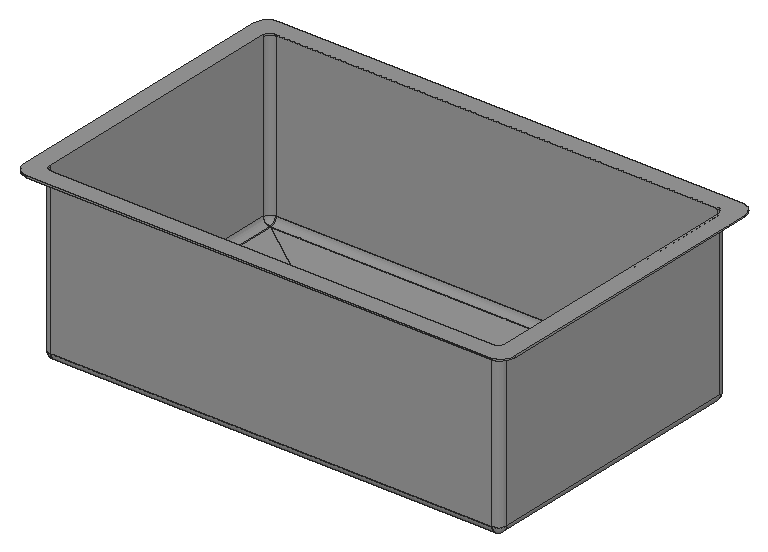
Revit family "BUILDMAT-SNGM005-Avisa-700-Gunmetal", category Plumbing Fixtures, host Face, Revit 2020
Family settings
  Host = Face
  Round Connector Dimension = Use Diameter
  Part Type = Normal
  Cut with Voids When Loaded = No
  Shared = No
  Room Calculation Point = No
Parameters (values of type "Avisa 700x450x250mm")
  Width = 650.0 mm
  Undermount [instance] = 0.0 mm
  URL = "https://www.buildmat.com.au/products/700x450x250-single-bowl-kitchen-sink"
  Side Sound Pad = yes
  Side Brackets = yes
  Model = "SNA01005"  # constant formula
  Middle Sound Pad = no
  Middle Bracket = yes
  Manufacturer URL = "https://www.buildmat.com.au/"
  Manufacturer = "BUILDMAT"  # constant formula
  Length = 400.0 mm
  Description = "BUILDMAT - Avisa 700x450 - Large Single Bowl Sink"  # constant formula
  Depth = 250.0 mm
  Default Elevation = 1219.2 mm
  Created By URL = "https://www.buildmat.com.au/"
  Created By = "BUILDMAT"  # constant formula
  Created = "22.06.2022"  # constant formula
  Material = BUILDMAT Gunmetal
Reference planes
  plane 1 "Center (Front/Back)": y = 0
  plane 2: z = 0
  plane 3 "Center (Left/Right)": x = 0
  plane 4 "Top Substrate": z = 0
  plane 5 "Left": x = -325
  plane 6 "Right": x = 325
  plane 7 "Back": y = 200
  plane 8 "Front": y = -200
  plane 9: x = -350
  plane 10: x = 350
  plane 11: y = -225
  plane 12: y = 225
  plane 13 "Bottom Void": z = -250
  plane 14: z = 1.5
  plane 15: x = -326.5
  plane 16: y = -201.5
  plane 17: x = 326.5
  plane 18: y = 201.5
  plane 19: z = -240
  plane 20: z = -230
  plane 21: x = -315
  plane 22: x = 315
  plane 23: y = -190
  plane 24: y = 190
  plane 25: z = -245
  plane 26: z = -241.5
  plane 27: z = -246.5
  plane 28: x = -100
  plane 29: x = 100
  plane 30 "Sound Pad": z = -130
  plane 31 "Front Bracket": y = -100
  plane 32 "Back Bracket": y = 100
  plane 33: x = -225
  plane 34: x = 225
  plane 35: x = -57
  plane 36: x = 57
  plane 37: x = -45
  plane 38: x = 45
Forms (mm)
  Extrusion 1, void
    sketch origin (0, 0, 0) x (1, 0, 0) y (0, 1, 0)
      loop
        arc (-315, 200) -> (-322.071, 197.071) -> (-325, 190) r 10
        line (-325, 190) -> (-325, -190)
        arc (-325, -190) -> (-322.071, -197.071) -> (-315, -200) r 10
        line (-315, -200) -> (315, -200)
        arc (315, -200) -> (322.071, -197.071) -> (325, -190) r 10
        line (325, -190) -> (325, 190)
        arc (325, 190) -> (322.071, 197.071) -> (315, 200) r 10
        line (315, 200) -> (-315, 200)
    from 0 to 1.5
  Extrusion 2, void
    sketch origin (0, 0, 0) x (1, 0, 0) y (0, 1, 0)
      loop
        line (-326.5, 201.5) -> (-326.5, -201.5) -> (326.5, -201.5) -> (326.5, 201.5) -> (-326.5, 201.5)
    from 0 to -250
  Extrusion 3, void
    sketch origin (0, 0, 0) x (1, 0, 0) y (0, 1, 0)
      loop
        arc (-330, 225) -> (-344.142, 219.142) -> (-350, 205) r 20
        line (-350, 205) -> (-350, -205)
        arc (-350, -205) -> (-344.142, -219.142) -> (-330, -225) r 20
        line (-330, -225) -> (330, -225)
        arc (330, -225) -> (344.142, -219.142) -> (350, -205) r 20
        line (350, -205) -> (350, 205)
        arc (350, 205) -> (344.142, 219.142) -> (330, 225) r 20
        line (330, 225) -> (-330, 225)
    from 1.5 to 0
  Extrusion 4, solid, material "BUILDMAT Gunmetal" <- "Material"
    sketch origin (0, 0, 0) x (-1, 0, 0) y (0, -1, 0)
      loop
        arc (330, -225) -> (344.142, -219.142) -> (350, -205) r 20
        line (350, -205) -> (350, 205)
        arc (350, 205) -> (344.142, 219.142) -> (330, 225) r 20
        line (330, 225) -> (-330, 225)
        arc (-330, 225) -> (-344.142, 219.142) -> (-350, 205) r 20
        line (-350, 205) -> (-350, -205)
        arc (-350, -205) -> (-344.142, -219.142) -> (-330, -225) r 20
        line (-330, -225) -> (330, -225)
      loop
        arc (315, -200) -> (322.071, -197.071) -> (325, -190) r 10
        line (325, -190) -> (325, 190)
        arc (325, 190) -> (322.071, 197.071) -> (315, 200) r 10
        line (315, 200) -> (-315, 200)
        arc (-315, 200) -> (-322.071, 197.071) -> (-325, 190) r 10
        line (-325, 190) -> (-325, -190)
        arc (-325, -190) -> (-322.071, -197.071) -> (-315, -200) r 10
        line (-315, -200) -> (315, -200)
    from 0 to 1.5
  Extrusion 5, solid, material "BUILDMAT Gunmetal" <- "Material"
    sketch origin (0, 0, 0) x (-1, 0, 0) y (0, -1, 0)
      loop
        arc (315, -201.5) -> (323.132, -198.132) -> (326.5, -190) r 11.5
        line (326.5, -190) -> (326.5, 190)
        arc (326.5, 190) -> (323.132, 198.132) -> (315, 201.5) r 11.5
        line (315, 201.5) -> (-315, 201.5)
        arc (-315, 201.5) -> (-323.132, 198.132) -> (-326.5, 190) r 11.5
        line (-326.5, 190) -> (-326.5, -190)
        arc (-326.5, -190) -> (-323.132, -198.132) -> (-315, -201.5) r 11.5
        line (-315, -201.5) -> (315, -201.5)
      loop
        arc (-315, 200) -> (-322.071, 197.071) -> (-325, 190) r 10
        line (-325, 190) -> (-325, -190)
        arc (-325, -190) -> (-322.071, -197.071) -> (-315, -200) r 10
        line (-315, -200) -> (315, -200)
        arc (315, -200) -> (322.071, -197.071) -> (325, -190) r 10
        line (325, -190) -> (325, 190)
        arc (325, 190) -> (322.071, 197.071) -> (315, 200) r 10
        line (315, 200) -> (-315, 200)
    from 0 to -230
  Revolve 6, solid, material "BUILDMAT Gunmetal" <- "Material"
    sketch origin (-175.162, 190, 1219.2) x (-1, 0, 0) y (0, 0, 1)
      loop
        line (-500.162, -1449.2) -> (-501.662, -1449.2)
        arc (-501.662, -1449.2) -> (-498.293, -1457.332) -> (-490.162, -1460.7) r 11.5
        line (-490.162, -1460.7) -> (-490.162, -1459.2)
        arc (-490.162, -1459.2) -> (-497.233, -1456.271) -> (-500.162, -1449.2) r 10
      axis (-490.162, -1460.7) -> (-490.162, -1449.2)
    angle from 0 to -90
  Revolve 7, solid, material "BUILDMAT Gunmetal" <- "Material"
    sketch origin (-175.162, 190, 1219.2) x (-1, 0, 0) y (0, 0, 1)
      loop
        arc (149.838, -1449.2) -> (146.909, -1456.271) -> (139.838, -1459.2) r 10
        line (139.838, -1459.2) -> (139.838, -1460.7)
        arc (139.838, -1460.7) -> (147.97, -1457.332) -> (151.338, -1449.2) r 11.5
        line (151.338, -1449.2) -> (149.838, -1449.2)
      axis (139.838, -1449.2) -> (139.838, -1460.7)
    angle from 0 to -90
  Revolve 8, solid, material "BUILDMAT Gunmetal" <- "Material"
    sketch origin (-175.162, -190, 1219.2) x (-1, 0, 0) y (0, 0, 1)
      loop
        arc (149.838, -1449.2) -> (146.909, -1456.271) -> (139.838, -1459.2) r 10
        line (139.838, -1459.2) -> (139.838, -1460.7)
        arc (139.838, -1460.7) -> (147.97, -1457.332) -> (151.338, -1449.2) r 11.5
        line (151.338, -1449.2) -> (149.838, -1449.2)
      axis (139.838, -1449.2) -> (139.838, -1460.7)
    angle from 0 to 90
  Revolve 9, solid, material "BUILDMAT Gunmetal" <- "Material"
    sketch origin (-175.162, -190, 1219.2) x (-1, 0, 0) y (0, 0, 1)
      loop
        line (-500.162, -1449.2) -> (-501.662, -1449.2)
        arc (-501.662, -1449.2) -> (-498.293, -1457.332) -> (-490.162, -1460.7) r 11.5
        line (-490.162, -1460.7) -> (-490.162, -1459.2)
        arc (-490.162, -1459.2) -> (-497.233, -1456.271) -> (-500.162, -1449.2) r 10
      axis (-490.162, -1449.2) -> (-490.162, -1460.7)
    angle from 0 to 90
  Extrusion 10, solid, material "BUILDMAT Gunmetal" <- "Material"
    sketch origin (0, 0, 0) x (1, 0, 0) y (0, 0, 1)
      loop
        line (-325, -230) -> (-326.5, -230)
        arc (-326.5, -230) -> (-323.132, -238.132) -> (-315, -241.5) r 11.5
        line (-315, -241.5) -> (-315, -240)
        arc (-315, -240) -> (-322.071, -237.071) -> (-325, -230) r 10
    from -190 to 190
  Extrusion 11, solid, material "BUILDMAT Gunmetal" <- "Material"
    sketch origin (0, 0, 0) x (1, 0, 0) y (0, 0, 1)
      loop
        arc (325, -230) -> (322.071, -237.071) -> (315, -240) r 10
        line (315, -240) -> (315, -241.5)
        arc (315, -241.5) -> (323.132, -238.132) -> (326.5, -230) r 11.5
        line (326.5, -230) -> (325, -230)
    from -190 to 190
  Extrusion 12, solid, material "BUILDMAT Gunmetal" <- "Material"
    sketch origin (0, 0, 0) x (0, 1, 0) y (0, 0, 1)
      loop
        arc (200, -230) -> (197.071, -237.071) -> (190, -240) r 10
        line (190, -240) -> (190, -241.5)
        arc (190, -241.5) -> (198.132, -238.132) -> (201.5, -230) r 11.5
        line (201.5, -230) -> (200, -230)
    from -315 to 315
  Extrusion 13, solid, material "BUILDMAT Gunmetal" <- "Material"
    sketch origin (0, 0, 0) x (0, 1, 0) y (0, 0, 1)
      loop
        line (-200, -230) -> (-201.5, -230)
        arc (-201.5, -230) -> (-198.132, -238.132) -> (-190, -241.5) r 11.5
        line (-190, -241.5) -> (-190, -240)
        arc (-190, -240) -> (-197.071, -237.071) -> (-200, -230) r 10
    from -315 to 315
  Revolve 14, solid, material "BUILDMAT Gunmetal" <- "Material"
    sketch origin (0, 0, 0) x (1, 0, 0) y (0, 0, 1)
      loop
        line (-45, -250) -> (-45, -248.5)
        spline (-45, -248.5) -> (-46.484, -248.459) -> (-47.939, -248.339) -> (-49.337, -248.141) -> (-50.649, -247.871) -> (-51.848, -247.537) -> (-52.908, -247.151) -> (-53.805, -246.726) -> (-54.514, -246.283) -> (-55.023, -245.856) -> (-55.329, -245.483) -> (-55.468, -245.202) -> (-55.5, -245)
        line (-55.5, -245) -> (-57, -245)
        spline (-57, -245) -> (-56.897, -245.653) -> (-56.591, -246.294) -> (-56.087, -246.913) -> (-55.392, -247.5) -> (-54.52, -248.044) -> (-53.485, -248.536) -> (-52.305, -248.967) -> (-51, -249.33) -> (-49.592, -249.619) -> (-48.106, -249.83) -> (-46.566, -249.957) -> (-45, -250)
      axis (0, -245) -> (0, -250)
    angle from 0 to 360
  Blend 15, solid, material "BUILDMAT Gunmetal" <- "Material"
    base sketch origin (0, 0, 0) x (-1, 0, 0) y (0, -1, 0)
      loop
        circle (0, 0) r 57
    top sketch origin (0, 0, 0) x (-1, 0, 0) y (0, -1, 0)
      loop
        line (315, -190) -> (315, 190) -> (-315, 190) -> (-315, -190) -> (315, -190)
    from -246.5 to -241.5
  Blend 16, void
    base sketch origin (0, 0, 0) x (-1, 0, 0) y (0, -1, 0)
      loop
        circle (0, 0) r 57
    top sketch origin (0, 0, 0) x (-1, 0, 0) y (0, -1, 0)
      loop
        line (315, -190) -> (315, 190) -> (-315, 190) -> (-315, -190) -> (315, -190)
    from -245 to -240
  Extrusion 17, solid, material "BUILDMAT Gunmetal" <- "Material"
    sketch origin (0, 0, 0) x (-1, 0, 0) y (0, -1, 0)
      loop
        line (315, -190) -> (315, 190) -> (-315, 190) -> (-315, -190) -> (315, -190)
    from -241.5 to -240
  Extrusion 18, void
    sketch origin (0, 0, 0) x (-1, 0, 0) y (0, -1, 0)
      loop
        circle (0, 0) r 57
    from -250 to -230
Cuts and joins
  joined: Extrusion 4, Extrusion 5
  joined: Revolve 6, Revolve 9
  joined: Revolve 7, Revolve 8
  Blend 16, Extrusion 18 cuts Blend 15
  Blend 16, Extrusion 18 cuts Extrusion 17
  joined: Blend 15, Extrusion 17
Lines and regions (mm)
  Masking region 1
    outline origin (0, 0, 0) x (1, 0, 0) y (0, 0, 1)
      loop
        line (325, 0) -> (-325, 0) -> (-325, -230)
        arc (-325, -230) -> (-322.071, -237.071) -> (-315, -240) r 10
        line (-315, -240) -> (-57, -245) -> (57, -245) -> (315, -240)
        arc (315, -240) -> (322.071, -237.071) -> (325, -230) r 10
        line (325, -230) -> (325, 0)
  Masking region 2
    outline origin (0, 0, 0) x (1, 0, 0) y (0, 0, 1)
      loop
        line (-100, -245.667) -> (-100, -250) -> (-57, -250) -> (-57, -246.5) -> (-100, -245.667)
  Masking region 3
    outline origin (0, 0, 0) x (1, 0, 0) y (0, 0, 1)
      loop
        line (57, -246.5) -> (57, -250) -> (100, -250) -> (100, -245.667) -> (57, -246.5)
Text (mm)
  text "Refer to www.buildmat.com.au for the most current product literature. \nAllow a +/- 5mm tolerance for dimensions shown in the product literature. \nPlease note product details are subject to change due to ongoing product development." at (0.056, -1035.857, 0), in view "Ref. Level"
Dimensions and locks
  "Undermount": plane 2 to plane 4 "Top Substrate"
  equal spacing: plane 5 "Left", plane 3 "Center (Left/Right)", plane 6 "Right"
  "Width": plane 5 "Left" to plane 6 "Right"
  "Length": plane 7 "Back" to plane 8 "Front"
  equal spacing: plane 7 "Back", plane 1 "Center (Front/Back)", plane 8 "Front"
  locked: plane 12 to plane 7 "Back" at 25
  locked: plane 8 "Front" to plane 11 at 25
  locked: plane 9 to plane 5 "Left" at 25
  locked: plane 6 "Right" to plane 10 at 25
  "Depth": plane 4 "Top Substrate" to plane 13 "Bottom Void"
  locked: plane 14 to plane 4 "Top Substrate" at 1.5
  locked: plane 18 to plane 7 "Back" at 1.5
  locked: plane 8 "Front" to plane 16 at 1.5
  plane 15 to plane 5 "Left" = 1.5 mm
  plane 6 "Right" to plane 17 = 1.5 mm
  plane 20 to plane 19 to plane 13 "Bottom Void" = 10.0 mm, 10.0 mm
  locked: plane 5 "Left" to plane 21 at 10
  locked: plane 22 to plane 6 "Right" at 10
  locked: plane 7 "Back" to plane 24 at 10
  locked: plane 23 to plane 8 "Front" at 10
  locked: plane 19 to plane 26 at 1.5
  locked: plane 25 to plane 13 "Bottom Void" at 5
  locked: plane 25 to plane 27 at 1.5
  plane 29 to plane 3 "Center (Left/Right)" to plane 28 = 100.0 mm locked, 100.0 mm locked
  locked: plane 30 "Sound Pad" to plane 13 "Bottom Void" at 120
  locked: plane 7 "Back" to plane 32 "Back Bracket" at 100
  locked: plane 31 "Front Bracket" to plane 8 "Front" at 100
  locked: plane 33 to plane 5 "Left" at 100
  locked: plane 6 "Right" to plane 34 at 100
  equal spacing: plane 3 "Center (Left/Right)", nested 15, plane 33
  equal spacing: plane 34, nested 16, plane 3 "Center (Left/Right)"
  plane 37 to plane 3 "Center (Left/Right)" to plane 38 = 45.0 mm locked, 45.0 mm locked
  plane 35 to plane 3 "Center (Left/Right)" to plane 36 = 57.0 mm locked, 57.0 mm locked
  aligned and locked: plane 2 to host face
  aligned and locked: level to host face
  aligned and locked: plane 8 "Front" to Extrusion 1 sketch curve
  aligned and locked: Extrusion 1 sketch curve to plane 7 "Back"
  aligned and locked: plane 5 "Left" to Extrusion 1 sketch curve
  aligned and locked: Extrusion 1 sketch curve to plane 6 "Right"
  aligned and locked: plane 2 to Extrusion 1
  aligned and locked: plane 14 to Extrusion 1
  aligned and locked: Extrusion 2 sketch curve to plane 16
  aligned and locked: Extrusion 2 sketch curve to plane 18
  aligned and locked: plane 15 to Extrusion 2 sketch curve
  aligned and locked: plane 17 to Extrusion 2 sketch curve
  aligned and locked: Extrusion 2 to plane 13 "Bottom Void"
  aligned and locked: plane 4 "Top Substrate" to Extrusion 2
  aligned and locked: Extrusion 3 sketch curve to plane 11
  aligned and locked: plane 9 to Extrusion 3 sketch curve
  aligned and locked: Extrusion 3 sketch curve to plane 10
  aligned and locked: Extrusion 3 sketch curve to plane 12
  aligned and locked: Extrusion 3 to plane 4 "Top Substrate"
  aligned and locked: Extrusion 3 to plane 14
  aligned and locked: Extrusion 4 sketch curve to plane 11
  aligned and locked: Extrusion 4 sketch curve to plane 12
  aligned and locked: plane 9 to Extrusion 4 sketch curve
  aligned and locked: Extrusion 4 sketch curve to plane 10
  aligned and locked: plane 5 "Left" to Extrusion 4 sketch curve
  aligned and locked: Extrusion 4 sketch curve to plane 6 "Right"
  aligned and locked: Extrusion 4 sketch curve to plane 7 "Back"
  aligned and locked: plane 8 "Front" to Extrusion 4 sketch curve
  aligned and locked: Extrusion 5 sketch curve to plane 7 "Back"
  aligned and locked: plane 5 "Left" to Extrusion 5 sketch curve
  aligned and locked: Extrusion 5 sketch curve to plane 6 "Right"
  aligned and locked: plane 8 "Front" to Extrusion 5 sketch curve
  aligned and locked: plane 15 to Extrusion 5 sketch curve
  aligned and locked: Extrusion 5 sketch curve to plane 16
  aligned and locked: plane 17 to Extrusion 5 sketch curve
  aligned and locked: Extrusion 5 sketch curve to plane 18
  aligned and locked: Extrusion 5 to plane 20
  aligned and locked: plane 4 "Top Substrate" to Extrusion 5
  aligned and locked: Extrusion 11 to plane 23
  aligned and locked: plane 24 to Extrusion 11
  aligned and locked: plane 24 to Extrusion 10
  aligned and locked: Extrusion 10 to plane 23
  aligned and locked: Extrusion 13 to plane 21
  aligned and locked: plane 22 to Extrusion 13
  aligned and locked: plane 22 to Extrusion 12
  aligned and locked: Extrusion 12 to plane 21
  aligned and locked: plane 21 to Blend 15 sketch curve
  aligned and locked: Blend 15 sketch curve to plane 22
  aligned and locked: Blend 15 sketch curve to plane 23
  aligned and locked: Blend 15 sketch curve to plane 24
  aligned and locked: plane 27 to Blend 15
  aligned and locked: Blend 15 to plane 26
  aligned and locked: Blend 16 sketch curve to plane 24
  aligned and locked: plane 21 to Blend 16 sketch curve
  aligned and locked: Blend 16 sketch curve to plane 22
  aligned and locked: Blend 16 sketch curve to plane 23
  aligned and locked: Blend 16 to plane 25
  aligned and locked: Blend 16 to plane 19
  aligned and locked: Extrusion 17 sketch curve to plane 24
  aligned and locked: Extrusion 17 sketch curve to plane 23
  aligned and locked: plane 21 to Extrusion 17 sketch curve
  aligned and locked: Extrusion 17 sketch curve to plane 22
  aligned and locked: Extrusion 17 to plane 26
  aligned and locked: Extrusion 17 to plane 19
  aligned and locked: Extrusion 18 to plane 13 "Bottom Void"
  aligned and locked: plane 20 to Extrusion 18
  aligned and locked: cut or joined group of Blend 15, Blend 16, Extrusion 17, Extrusion 18 to Masking region 2 sketch curve
  aligned and locked: Masking region 3 sketch curve to cut or joined group of Blend 15, Blend 16, Extrusion 17, Extrusion 18
  aligned and locked: plane 3 "Center (Left/Right)" to nested 1
  aligned and locked: nested 1 to plane 4 "Top Substrate"
  aligned and locked: plane 3 "Center (Left/Right)" to nested 2
  aligned and locked: nested 2 to plane 30 "Sound Pad"
  aligned and locked: nested 3 to plane 18
  aligned and locked: plane 3 "Center (Left/Right)" to nested 3
  aligned and locked: plane 16 to nested 4
  aligned and locked: nested 4 to plane 3 "Center (Left/Right)"
  aligned and locked: plane 31 "Front Bracket" to nested 6
  aligned and locked: plane 15 to nested 6
  aligned and locked: plane 31 "Front Bracket" to nested 8
  aligned and locked: plane 17 to nested 8
  aligned and locked: plane 32 "Back Bracket" to nested 7
  aligned and locked: plane 17 to nested 7
  aligned and locked: plane 32 "Back Bracket" to nested 5
  aligned and locked: plane 15 to nested 5
  aligned and locked: nested 9 to plane 4 "Top Substrate"
  aligned and locked: nested 9 to plane 33
  aligned and locked: nested 10 to plane 4 "Top Substrate"
  aligned and locked: nested 10 to plane 34
  aligned and locked: nested 13 to plane 33
  aligned and locked: nested 14 to plane 34
  aligned and locked: plane 16 to nested 13
  aligned and locked: nested 14 to plane 16
  aligned and locked: plane 33 to nested 11
  aligned and locked: nested 11 to plane 18
  aligned and locked: plane 34 to nested 12
  aligned and locked: plane 18 to nested 12
  aligned and locked: nested 15 to plane 30 "Sound Pad"
  aligned and locked: nested 16 to plane 30 "Sound Pad"
  aligned and locked: nested 17 to plane 23
  aligned and locked: nested 17 to plane 24
  aligned and locked: plane 22 to nested 17
  aligned and locked: plane 21 to nested 17
  aligned and locked: plane 3 "Center (Left/Right)" to nested 18
  aligned and locked: plane 1 "Center (Front/Back)" to nested 18
  aligned and locked: plane 4 "Top Substrate" to Masking region 1
Automatic sketch dimensions
  host sketch curve to host sketch curve = 2438.4 mm  (x2)
  plane 5 "Left" to Extrusion 1 sketch curve = 10.0 mm  (x2)
  Extrusion 1 sketch curve to plane 6 "Right" = 10.0 mm  (x2)
  Extrusion 4 sketch curve to plane 10 = 20.0 mm  (x2)
  Extrusion 4 sketch curve to Extrusion 4 sketch curve = 10.0 mm  (x2)
  plane 5 "Left" to Extrusion 4 sketch curve = 10.0 mm
  plane 9 to Extrusion 4 sketch curve = 20.0 mm
  plane 8 "Front" to Extrusion 4 sketch curve = 10.0 mm
  plane 11 to Extrusion 4 sketch curve = 20.0 mm
  Extrusion 3 sketch curve to plane 5 "Left" = 5.0 mm
  plane 6 "Right" to Extrusion 3 sketch curve = 5.0 mm  (x2)
  plane 7 "Back" to Extrusion 3 sketch curve = 5.0 mm
  plane 5 "Left" to Extrusion 5 sketch curve = 10.0 mm
  Extrusion 5 sketch curve to plane 6 "Right" = 10.0 mm
  plane 8 "Front" to Extrusion 5 sketch curve = 10.0 mm
  Extrusion 5 sketch curve to plane 7 "Back" = 10.0 mm
  Extrusion 5 sketch curve to Extrusion 5 sketch curve = 0.0 mm  (x4)
  Revolve 6 sketch curve to Revolve 6 sketch curve = 0.0 mm  (x3)
  plane 17 to Revolve 6 sketch curve = 0.0 mm
  Revolve 6 sketch curve to plane 6 "Right" = 0.0 mm
  Revolve 6 sketch curve to plane 22 = 0.0 mm  (x2)
  Revolve 6 sketch curve to plane 19 = 0.0 mm
  Revolve 6 sketch curve to plane 20 = 0.0 mm
  Revolve 7 sketch curve to Revolve 7 sketch curve = 0.0 mm  (x3)
  Revolve 7 sketch curve to plane 20 = 0.0 mm  (x2)
  Revolve 7 sketch curve to plane 21 = 0.0 mm  (x2)
  Revolve 7 sketch curve to plane 5 "Left" = 0.0 mm
  Revolve 7 sketch curve to plane 15 = 0.0 mm
  Revolve 8 sketch curve to Revolve 8 sketch curve = 0.0 mm  (x3)
  Revolve 8 sketch curve to plane 20 = 0.0 mm  (x2)
  Revolve 8 sketch curve to plane 21 = 0.0 mm  (x2)
  Revolve 8 sketch curve to plane 5 "Left" = 0.0 mm
  Revolve 8 sketch curve to plane 15 = 0.0 mm
  Revolve 9 sketch curve to Revolve 9 sketch curve = 0.0 mm  (x3)
  plane 17 to Revolve 9 sketch curve = 0.0 mm
  Revolve 9 sketch curve to plane 6 "Right" = 0.0 mm
  Revolve 9 sketch curve to plane 22 = 0.0 mm  (x2)
  Revolve 9 sketch curve to plane 20 = 0.0 mm
  Revolve 9 sketch curve to plane 19 = 0.0 mm
  Extrusion 10 sketch curve to plane 15 = 0.0 mm
  Extrusion 10 sketch curve to plane 5 "Left" = 0.0 mm
  Extrusion 10 sketch curve to plane 19 = 0.0 mm
  Extrusion 10 sketch curve to plane 21 = 0.0 mm
  Extrusion 11 sketch curve to plane 20 = 0.0 mm
  Extrusion 11 sketch curve to plane 22 = 0.0 mm
  Extrusion 11 sketch curve to plane 6 "Right" = 0.0 mm
  plane 17 to Extrusion 11 sketch curve = 0.0 mm
  Extrusion 12 sketch curve to plane 20 = 0.0 mm
  Extrusion 12 sketch curve to plane 24 = 0.0 mm
  Extrusion 12 sketch curve to plane 7 "Back" = 0.0 mm
  Extrusion 12 sketch curve to plane 18 = 0.0 mm
  Extrusion 13 sketch curve to plane 16 = 0.0 mm
  Extrusion 13 sketch curve to plane 8 "Front" = 0.0 mm
  Extrusion 13 sketch curve to plane 23 = 0.0 mm
  Extrusion 13 sketch curve to plane 19 = 0.0 mm
  Revolve 14 sketch curve to plane 25 = 0.0 mm
  Revolve 14 sketch curve to plane 13 "Bottom Void" = 0.0 mm  (x2)
  Revolve 14 sketch curve to plane 3 "Center (Left/Right)" = 0.0 mm
  Revolve 14 sketch curve to plane 20 = 0.0 mm
  Revolve 14 sketch curve to plane 3 "Center (Left/Right)" = 45.0 mm
  Revolve 14 sketch curve to Revolve 14 sketch curve = 10.5 mm
  Revolve 14 sketch curve to Revolve 14 sketch curve = 1.5 mm  (x2)
  Revolve 14 sketch curve to Revolve 14 sketch curve = 0.0 mm
  plane 1 "Center (Front/Back)" to Blend 15 sketch curve = 0.0 mm
  Blend 15 sketch curve to plane 3 "Center (Left/Right)" = 0.0 mm
  plane 1 "Center (Front/Back)" to Blend 16 sketch curve = 0.0 mm
  Blend 16 sketch curve to plane 3 "Center (Left/Right)" = 0.0 mm
  plane 1 "Center (Front/Back)" to Extrusion 18 sketch curve = 0.0 mm
  Extrusion 18 sketch curve to plane 3 "Center (Left/Right)" = 0.0 mm
  Masking region 1 sketch curve to level = 0.0 mm
  Masking region 1 sketch curve to plane 20 = 0.0 mm
  Masking region 1 sketch curve to plane 21 = 0.0 mm
  Masking region 1 sketch curve to plane 25 = 0.0 mm
  Masking region 1 sketch curve to plane 3 "Center (Left/Right)" = 57.0 mm
  plane 3 "Center (Left/Right)" to Masking region 1 sketch curve = 57.0 mm
  Masking region 1 sketch curve to plane 19 = 0.0 mm
  Masking region 1 sketch curve to plane 22 = 0.0 mm
  Masking region 1 sketch curve to plane 6 "Right" = 0.0 mm
  Masking region 1 sketch curve to plane 5 "Left" = 0.0 mm
  Masking region 2 sketch curve to plane 28 = 0.0 mm
  Masking region 2 sketch curve to plane 13 "Bottom Void" = 0.0 mm
  Masking region 2 sketch curve to plane 27 = 0.0 mm
  Masking region 3 sketch curve to plane 27 = 0.0 mm
  Masking region 3 sketch curve to plane 13 "Bottom Void" = 0.0 mm
  Masking region 3 sketch curve to plane 29 = 0.0 mm
  radius of Blend 15 sketch curve = 57.0 mm
  radius of Blend 16 sketch curve = 57.0 mm
  radius of Extrusion 18 sketch curve = 57.0 mm
Nested families
  nested 1: "TMB_Front" at (0, 0, 0) x (1, 0, 0) z (0, -1, 0), visible <- "Middle Bracket", type "TMB_Front"
  nested 2: "SP_Front" at (0, 0, -130) x (1, 0, 0) z (0, -1, 0), visible <- "Middle Sound Pad", type "SP_Front"
  nested 3: "TMB_Plan" at (0, 201.5, 0), visible <- "Middle Bracket", type "TMB_Plan"
  nested 4: "TMB_Plan" at (0, -201.5, 0) x (-1, 0, 0) z (0, 0, 1), visible <- "Middle Bracket", type "TMB_Plan"
  nested 5: "TMB_Plan" at (-326.5, 100, 0) x (0, 1, 0) z (0, 0, 1), type "TMB_Plan"
  nested 6: "TMB_Plan" at (-326.5, -100, 0) x (0, 1, 0) z (0, 0, 1), type "TMB_Plan"
  nested 7: "TMB_Plan" at (326.5, 100, 0) x (0, -1, 0) z (0, 0, 1), type "TMB_Plan"
  nested 8: "TMB_Plan" at (326.5, -100, 0) x (0, -1, 0) z (0, 0, 1), type "TMB_Plan"
  nested 9: "TMB_Front" at (-225, 0, 0) x (1, 0, 0) z (0, -1, 0), visible <- "Side Brackets", type "TMB_Front"
  nested 10: "TMB_Front" at (225, 0, 0) x (1, 0, 0) z (0, -1, 0), visible <- "Side Brackets", type "TMB_Front"
  nested 11: "TMB_Plan" at (-225, 201.5, 0), visible <- "Side Brackets", type "TMB_Plan"
  nested 12: "TMB_Plan" at (225, 201.5, 0), visible <- "Side Brackets", type "TMB_Plan"
  nested 13: "TMB_Plan" at (-225, -201.5, 0) x (-1, 0, 0) z (0, 0, 1), visible <- "Side Brackets", type "TMB_Plan"
  nested 14: "TMB_Plan" at (225, -201.5, 0) x (-1, 0, 0) z (0, 0, 1), visible <- "Side Brackets", type "TMB_Plan"
  nested 15: "SP_Front" at (-112.5, 0, -130) x (1, 0, 0) z (0, -1, 0), visible <- "Side Sound Pad", type "SP_Front"
  nested 16: "SP_Front" at (112.5, 0, -130) x (1, 0, 0) z (0, -1, 0), visible <- "Side Sound Pad", type "SP_Front"
  nested 17: "BOWL Plan" at (0, 0, -130), type "BOWL Plan"
    with Width 630.0 mm, Lenght 380.0 mm
  nested 18: "DRAIN" at (0, 0, 0), type "DRAIN"
Definition of nested family "TMB_Front"
  Reference planes
    plane 1 "Center (Elevation)": y = 0
    plane 2: z = 0
    plane 3 "Center (Left/Right)": x = 0
  Lines and regions (mm)
    Masking region 1, in view "Ref. Level"
      outline origin (0, 0, 0) x (1, 0, 0) y (0, 1, 0)
        loop
          line (-17.5, 0) -> (-17.5, -80) -> (17.5, -80) -> (17.5, 0) -> (-17.5, 0)
    detail lines, in view "Ref. Level"
      curve 1: line (-17.5, 0, 0) -> (-17.5, -80, 0)
      curve 2: line (-17.5, -80, 0) -> (17.5, -80, 0)
      curve 3: line (17.5, -80, 0) -> (17.5, 0, 0)
      curve 4: line (-12.5, -50, 0) -> (12.5, -50, 0)
      curve 5: line (-12.5, -75, 0) -> (-12.5, -50, 0)
      curve 6: line (12.5, -75, 0) -> (-12.5, -75, 0)
      curve 7: line (12.5, -50, 0) -> (12.5, -75, 0)
Definition of nested family "SP_Front"
  Reference planes
    plane 1 "Center (Elevation)": y = 0
    plane 2: z = 0
    plane 3 "Center (Left/Right)": x = 0
  Lines and regions (mm)
    Masking region 1, in view "Ref. Level"
      outline origin (0, 0, 0) x (1, 0, 0) y (0, 1, 0)
        loop
          arc (-50, 40) -> (-57.071, 37.071) -> (-60, 30) r 10
          line (-60, 30) -> (-60, -30)
          arc (-60, -30) -> (-57.071, -37.071) -> (-50, -40) r 10
          line (-50, -40) -> (50, -40)
          arc (50, -40) -> (57.071, -37.071) -> (60, -30) r 10
          line (60, -30) -> (60, 30)
          arc (60, 30) -> (57.071, 37.071) -> (50, 40) r 10
          line (50, 40) -> (-50, 40)
    detail lines, in view "Ref. Level"
      curve 1: line (-50, 40, 0) -> (50, 40, 0)
      curve 2: line (50, -40, 0) -> (-50, -40, 0)
      curve 3: line (60, 30, 0) -> (60, -30, 0)
      curve 4: line (-60, 30, 0) -> (-60, -30, 0)
      curve 5: arc (-50, 40, 0) -> (-57.071, 37.071, 0) -> (-60, 30, 0) r 10
      curve 6: arc (-60, -30, 0) -> (-57.071, -37.071, 0) -> (-50, -40, 0) r 10
      curve 7: arc (50, -40, 0) -> (57.071, -37.071, 0) -> (60, -30, 0) r 10
      curve 8: arc (60, 30, 0) -> (57.071, 37.071, 0) -> (50, 40, 0) r 10
  Dimensions and locks
    aligned and locked: Masking region 1 sketch curve to curve 1
    aligned and locked: Masking region 1 sketch curve to curve 4
    aligned and locked: Masking region 1 sketch curve to curve 2
    aligned and locked: Masking region 1 sketch curve to curve 3
Definition of nested family "TMB_Plan"
  Reference planes
    plane 1 "Center (Front/Back)": y = 0
    plane 2: z = 0
    plane 3 "Center (Left/Right)": x = 0
  Lines and regions (mm)
    detail lines, in view "Ref. Level"
      curve 1: line (-17.5, 0, 0) -> (17.5, 0, 0)
      curve 2: line (17.5, 0, 0) -> (17.5, 5, 0)
      curve 3: line (17.5, 5, 0) -> (12.5, 5, 0)
      curve 4: line (-17.5, 0, 0) -> (-17.5, 5, 0)
      curve 5: line (-17.5, 5, 0) -> (-12.5, 5, 0)
Definition of nested family "BOWL Plan"
  Parameters (values of type "BOWL Plan")
    Width [instance] = 600.0 mm
    Lenght [instance] = 400.0 mm
  Reference planes
    plane 1 "Center (Front/Back)": y = 0
    plane 2: z = 0
    plane 3 "Center (Left/Right)": x = 0
    plane 4 "Left": x = -300
    plane 5 "Right": x = 300
    plane 6 "Back": y = 200
    plane 7 "Front": y = -200
  Lines and regions (mm)
    Masking region 1, in view "Ref. Level"
      outline origin (0, 0, 0) x (1, 0, 0) y (0, 1, 0)
        loop
          line (-300, 200) -> (-300, -200) -> (300, -200) -> (300, 200) -> (-300, 200)
    detail lines, in view "Ref. Level"
      curve 1: line (-300, 200, 0) -> (300, -200, 0)
      curve 2: line (-300, -200, 0) -> (300, 200, 0)
  Dimensions and locks
    equal spacing: plane 6 "Back", plane 1 "Center (Front/Back)", plane 7 "Front"
    "Lenght": plane 6 "Back" to plane 7 "Front"
    equal spacing: plane 4 "Left", plane 3 "Center (Left/Right)", plane 5 "Right"
    "Width": plane 4 "Left" to plane 5 "Right"
    aligned and locked: plane 4 "Left" to Masking region 1 sketch curve
    aligned and locked: Masking region 1 sketch curve to plane 5 "Right"
    aligned and locked: plane 7 "Front" to Masking region 1 sketch curve
    aligned and locked: Masking region 1 sketch curve to plane 6 "Back"
  Automatic sketch dimensions
    curve 2 to plane 4 "Left" = 0.0 mm
    curve 1 to plane 4 "Left" = 0.0 mm
    curve 2 to plane 5 "Right" = 0.0 mm
    curve 1 to plane 5 "Right" = 0.0 mm
    curve 1 to plane 7 "Front" = 0.0 mm
    curve 2 to plane 7 "Front" = 0.0 mm
    curve 2 to plane 6 "Back" = 0.0 mm
    curve 1 to plane 6 "Back" = 0.0 mm
Definition of nested family "DRAIN"
  Reference planes
    plane 1 "Center (Front/Back)": y = 0
    plane 2: z = 0
    plane 3 "Center (Left/Right)": x = 0
  Lines and regions (mm)
    Masking region 1, in view "Ref. Level"
      outline origin (0, 0, 0) x (1, 0, 0) y (0, 1, 0)
        loop
          circle (0, 0) r 57
    detail lines, in view "Ref. Level"
      curve 1: circle (0, 0, 0) r 45 normal (0, 0, 1)
      curve 2: circle (0, 0, 0) r 55.5 normal (0, 0, 1)
